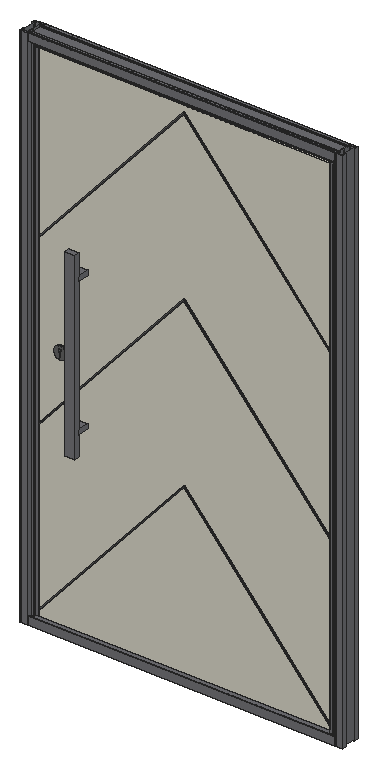
Revit family "YC1321P C1 CHAM RH", category Doors, host Wall, Revit 2024
Family settings
  Host = Wall
  OmniClass Number = 23.30.10.00
  OmniClass Title = Doors
  Always vertical = Yes
  Cut with Voids When Loaded = No
  Shared = No
  Room Calculation Point = No
Parameters
  Function = Interior
  Frame Projection Ext. = 25 mm
  Frame Projection Int. = 25 mm
  Frame Width = 75 mm
  Height = 2120 mm
  Wall Closure = By host
  Width = 1290 mm
  Analytic Construction = "<None>"
Reference planes
  plane 1: y = 0
  plane 2 "Center (Left/Right)": x = 0
  plane 3 "Left": x = -645
  plane 4 "Right": x = 645
  plane 5: z = 2120
  plane 6 "Exterior": y = 75
  plane 7 "Interior": y = -75
  plane 8: z = 33.5
Forms (mm)
  Sweep 1, solid, material "ALUMINIUM CHAR (TEST)"
    path origin (0, 75, 0) x (1, 0, 0) y (0, 0, 1)
      loop
        line (-601.2, 30) -> (-601.2, 2075) -> (600, 2075) -> (600, 30)
    profile origin (-0.6, 75, 2075) x (0, 0, 1) y (0, -1, 0)
      loop
        line (15, 55) -> (2.8, 55) -> (2.8, 61.5) -> (0.5, 61.5) -> (0.5, 88.5) -> (2.8, 88.5) -> (2.8, 95) -> (15, 95) -> (15, 97) -> (-0.5, 97)
        arc (-0.5, 97) -> (-1.207, 96.707) -> (-1.5, 96) r 1
        line (-1.5, 96) -> (-1.5, 93.9) -> (-0.5, 93.9) -> (-0.5, 95) -> (1, 95) -> (1, 90.5) -> (-0.5, 90.5) -> (-0.5, 91.631) -> (-1.5, 91.631) -> (-1.5, 58.369) -> (-0.5, 58.369) -> (-0.5, 59.5) -> (1, 59.5) -> (1, 55) -> (-0.5, 55) -> (-0.5, 56.1) -> (-1.5, 56.1) -> (-1.5, 54)
        arc (-1.5, 54) -> (-1.207, 53.293) -> (-0.5, 53) r 1
        line (-0.5, 53) -> (15, 53) -> (15, 55)
  Extrusion 2, solid, material "ALUMINIUM CHAR (TEST)"
    sketch origin (0, 0, 0) x (0, 1, 0) y (0, 0, 1)
      loop
        line (37.5, 2120) -> (22, 2120) -> (22, 2118.5) -> (24.5, 2118.5) -> (24.5, 2115.5) -> (-24.5, 2115.5) -> (-24.5, 2118.5) -> (-22, 2118.5) -> (-22, 2120) -> (-37.5, 2120) -> (-37.5, 2090) -> (-4.189, 2090) -> (7.651, 2090) -> (37.5, 2090) -> (37.5, 2120)
      loop
        line (32.168, 2118.2) -> (30.896, 2116.928) -> (29.5, 2118.324) -> (28, 2116.824) -> (26.3, 2118.524) -> (26.3, 2115.8)
        arc (26.3, 2115.8) -> (25.685, 2114.315) -> (24.2, 2113.7) r 2.1
        line (24.2, 2113.7) -> (-24.2, 2113.7)
        arc (-24.2, 2113.7) -> (-25.685, 2114.315) -> (-26.3, 2115.8) r 2.1
        line (-26.3, 2115.8) -> (-26.3, 2118.524) -> (-28, 2116.824) -> (-29.5, 2118.324) -> (-30.896, 2116.928) -> (-32.168, 2118.2) -> (-35.6, 2118.2) -> (-35.6, 2091.8) -> (-32.168, 2091.8) -> (-30.896, 2093.072) -> (-29.5, 2091.676) -> (-28, 2093.176) -> (-26.624, 2091.8) -> (-19.438, 2091.8) -> (26.624, 2091.8) -> (28, 2093.176) -> (29.5, 2091.676) -> (30.896, 2093.072) -> (32.168, 2091.8) -> (35.6, 2091.8) -> (35.6, 2118.2) -> (32.168, 2118.2)
      loop
        line (37.5, 0) -> (37.5, 30) -> (7.651, 30) -> (-4.189, 30) -> (-37.5, 30) -> (-37.5, 0) -> (-22, 0) -> (-22, 1.5) -> (-24.5, 1.5) -> (-24.5, 4.5) -> (24.5, 4.5) -> (24.5, 1.5) -> (22, 1.5) -> (22, 0) -> (37.5, 0)
      loop
        line (32.168, 1.8) -> (35.6, 1.8) -> (35.6, 28.2) -> (32.168, 28.2) -> (30.896, 26.928) -> (29.5, 28.324) -> (28, 26.824) -> (26.624, 28.2) -> (-19.438, 28.2) -> (-26.624, 28.2) -> (-28, 26.824) -> (-29.5, 28.324) -> (-30.896, 26.928) -> (-32.168, 28.2) -> (-35.6, 28.2) -> (-35.6, 1.8) -> (-32.168, 1.8) -> (-30.896, 3.072) -> (-29.5, 1.676) -> (-28, 3.176) -> (-26.3, 1.476) -> (-26.3, 4.2)
        arc (-26.3, 4.2) -> (-25.685, 5.685) -> (-24.2, 6.3) r 2.1
        line (-24.2, 6.3) -> (24.2, 6.3)
        arc (24.2, 6.3) -> (25.685, 5.685) -> (26.3, 4.2) r 2.1
        line (26.3, 4.2) -> (26.3, 1.476) -> (28, 3.176) -> (29.5, 1.676) -> (30.896, 3.072) -> (32.168, 1.8)
    from -615 to 615
  Extrusion 3, solid, material "ALUMINIUM CHAR (TEST)"
    sketch origin (0, 0, 30) x (1, 0, 0) y (0, 1, 0)
      loop
        arc (598.5, 21) -> (597.5, 22) -> (596.5, 21) r 1
        line (596.5, 21) -> (596.5, -21.179)
        arc (596.5, -21.179) -> (596.26, -21.76) -> (595.679, -22) r 0.821
        line (595.679, -22) -> (584.5, -22)
        arc (584.5, -22) -> (583.5, -23) -> (584.5, -24) r 1
        line (584.5, -24) -> (597.679, -24)
        arc (597.679, -24) -> (598.26, -23.76) -> (598.5, -23.179) r 0.821
        line (598.5, -23.179) -> (598.5, 21)
      loop
        arc (-599.7, -21) -> (-598.7, -22) -> (-597.7, -21) r 1
        line (-597.7, -21) -> (-597.7, 21.179)
        arc (-597.7, 21.179) -> (-597.459, 21.76) -> (-596.879, 22) r 0.821
        line (-596.879, 22) -> (-585.7, 22)
        arc (-585.7, 22) -> (-584.7, 23) -> (-585.7, 24) r 1
        line (-585.7, 24) -> (-598.879, 24)
        arc (-598.879, 24) -> (-599.459, 23.76) -> (-599.7, 23.179) r 0.821
        line (-599.7, 23.179) -> (-599.7, -21)
    from 0 to 2043.5
  Extrusion 4, solid, material "ALUMINIUM CHAR (TEST)"
    sketch origin (-25, 22, 130) x (1, 0, 0) y (0, 0, 1)
      loop
        line (620, 1939) -> (608, 1939) -> (608, -94) -> (620, -94) -> (620, 1939)
      loop
        line (-570, 1939) -> (-570, -94) -> (-558, -94) -> (-558, 1939) -> (-570, 1939)
    from 0 to 44
  Extrusion 5, solid, material "ALUMINIUM (CHAMPAGNE TEST)"
    sketch origin (-25, 22, 130) x (1, 0, 0) y (0, 0, 1)
      loop
        line (608, 1939) -> (-558, 1939) -> (-558, -94) -> (608, -94) -> (608, 1939)
    from 0 to 4
  Extrusion 6, solid, material "ALUMINIUM (CHAMPAGNE TEST)"
    sketch origin (-25, -22, 130) x (1, 0, 0) y (0, 0, -1)
      loop
        line (608, -1939) -> (608, 94) -> (-558, 94) -> (-558, -1939) -> (608, -1939)
    from 0 to 4
  Extrusion 7, solid, material "ALUMINIUM BLACK (TEST)"
    sketch origin (405.722, 27.873, -123.123) x (1, 0, 0) y (0, 0, 1)
      loop
        circle (-896.954, 1135.623) r 25
    from 0 to 5
  Extrusion 8, solid, material "ALUMINIUM BLACK (TEST)"
    sketch origin (405.722, -27.873, -123.123) x (1, 0, 0) y (0, 0, -1)
      loop
        circle (-896.954, -1135.623) r 25
    from 0 to 5
  Extrusion 9, solid, material "ALUMINIUM CHAR (TEST)"
    sketch origin (-1264.348, 72.873, -21.123) x (-1, 0, 0) y (0, 0, -1)
      loop
        line (-878.538, -1365) -> (-838.538, -1365) -> (-838.538, -1345) -> (-878.538, -1345) -> (-878.538, -1365)
      loop
        line (-878.538, -795) -> (-878.538, -815) -> (-838.538, -815) -> (-838.538, -795) -> (-878.538, -795)
    from 5 to 50
  Extrusion 10, solid, material "ALUMINIUM CHAR (TEST)"
    sketch origin (14.789, 87.873, 223.877) x (1, 0, 0) y (0, 0, 1)
      loop
        line (-400.6, 470) -> (-400.6, 1200) -> (-440.6, 1200) -> (-440.6, 470) -> (-400.6, 470)
    from 0 to 20
  Extrusion 11, void
    sketch origin (140.5, 67.873, -123.123) x (1, 0, 0) y (0, 0, 1)
      loop
        arc (-634.732, 1122.18) -> (-631.732, 1119.18) -> (-628.732, 1122.18) r 3
        line (-628.732, 1122.18) -> (-628.732, 1136.773)
        arc (-628.732, 1136.773) -> (-631.732, 1150.865) -> (-634.732, 1136.773) r 7.365
        line (-634.732, 1136.773) -> (-634.732, 1122.18)
    from 40 to 45
  Extrusion 12, void
    sketch origin (140.5, -67.873, -123.123) x (1, 0, 0) y (0, 0, -1)
      loop
        line (-634.732, -1122.18) -> (-634.732, -1136.773)
        arc (-634.732, -1136.773) -> (-631.732, -1150.865) -> (-628.732, -1136.773) r 7.365
        line (-628.732, -1136.773) -> (-628.732, -1122.18)
        arc (-628.732, -1122.18) -> (-631.732, -1119.18) -> (-634.732, -1122.18) r 3
    from 40 to 45
  Extrusion 13, solid, material "ALUMINIUM CHAR (TEST)"
    sketch origin (0, 0, 0) x (1, 0, 0) y (0, 1, 0)
      loop
        line (-645, 37.5) -> (-645, 22) -> (-643.5, 22) -> (-643.5, 24.5) -> (-640.5, 24.5) -> (-640.5, -24.5) -> (-643.5, -24.5) -> (-643.5, -22) -> (-645, -22) -> (-645, -37.5) -> (-615, -37.5) -> (-615, -17) -> (-615.993, -17) -> (-616.394, -18.496) -> (-617.6, -18.496) -> (-617.6, -0.254) -> (-616.306, -0.254) -> (-616.066, -3) -> (-615, -3) -> (-615, 37.5) -> (-645, 37.5)
      loop
        line (-616.8, 26.624) -> (-618.176, 28) -> (-616.676, 29.5) -> (-618.072, 30.896) -> (-616.8, 32.168) -> (-616.8, 35.6) -> (-643.2, 35.6) -> (-643.2, 32.168) -> (-641.928, 30.896) -> (-643.324, 29.5) -> (-641.824, 28) -> (-643.524, 26.3) -> (-640.8, 26.3)
        arc (-640.8, 26.3) -> (-639.315, 25.685) -> (-638.7, 24.2) r 2.1
        line (-638.7, 24.2) -> (-638.7, -24.2)
        arc (-638.7, -24.2) -> (-639.315, -25.685) -> (-640.8, -26.3) r 2.1
        line (-640.8, -26.3) -> (-643.524, -26.3) -> (-641.824, -28) -> (-643.324, -29.5) -> (-641.928, -30.896) -> (-643.2, -32.168) -> (-643.2, -35.6) -> (-616.8, -35.6) -> (-616.8, -32.168) -> (-618.072, -30.896) -> (-616.676, -29.5) -> (-618.176, -28) -> (-616.8, -26.624) -> (-616.8, -20.239)
        arc (-616.8, -20.239) -> (-618.596, -19.852) -> (-619.4, -18.2) r 2.1
        line (-619.4, -18.2) -> (-619.4, -0.55)
        arc (-619.4, -0.55) -> (-618.596, 1.102) -> (-616.8, 1.49) r 2.1
        line (-616.8, 1.49) -> (-616.8, 26.624)
      loop
        line (645, 37.5) -> (615, 37.5) -> (615, -3) -> (616.066, -3) -> (616.306, -0.254) -> (617.6, -0.254) -> (617.6, -18.496) -> (616.394, -18.496) -> (615.993, -17) -> (615, -17) -> (615, -37.5) -> (645, -37.5) -> (645, -22) -> (643.5, -22) -> (643.5, -24.5) -> (640.5, -24.5) -> (640.5, 24.5) -> (643.5, 24.5) -> (643.5, 22) -> (645, 22) -> (645, 37.5)
      loop
        line (616.8, 26.624) -> (616.8, 1.49)
        arc (616.8, 1.49) -> (618.596, 1.102) -> (619.4, -0.55) r 2.1
        line (619.4, -0.55) -> (619.4, -18.2)
        arc (619.4, -18.2) -> (618.596, -19.852) -> (616.8, -20.239) r 2.1
        line (616.8, -20.239) -> (616.8, -26.624) -> (618.176, -28) -> (616.676, -29.5) -> (618.072, -30.896) -> (616.8, -32.168) -> (616.8, -35.6) -> (643.2, -35.6) -> (643.2, -32.168) -> (641.928, -30.896) -> (643.324, -29.5) -> (641.824, -28) -> (643.524, -26.3) -> (640.8, -26.3)
        arc (640.8, -26.3) -> (639.315, -25.685) -> (638.7, -24.2) r 2.1
        line (638.7, -24.2) -> (638.7, 24.2)
        arc (638.7, 24.2) -> (639.315, 25.685) -> (640.8, 26.3) r 2.1
        line (640.8, 26.3) -> (643.524, 26.3) -> (641.824, 28) -> (643.324, 29.5) -> (641.928, 30.896) -> (643.2, 32.168) -> (643.2, 35.6) -> (616.8, 35.6) -> (616.8, 32.168) -> (618.072, 30.896) -> (616.676, 29.5) -> (618.176, 28) -> (616.8, 26.624)
    from 0 to 2120
  Extrusion 14, solid, material "ALUMINIUM BLACK (TEST)"
    sketch origin (-1029.106, 22.873, 455.989) x (-0.515678, 0, 0.856782) y (-0.856782, 0, -0.515678)
      loop
        line (-25.944, -1865.967) -> (829.892, -1700.623) -> (575.338, -866.959) -> (570.214, -863.875) -> (824.768, -1697.539) -> (-31.068, -1862.883) -> (-25.944, -1865.967)
      loop
        line (-598.274, -1521.494) -> (257.561, -1356.149) -> (3.007, -522.486) -> (-2.117, -519.402) -> (252.437, -1353.065) -> (-603.398, -1518.41) -> (-598.274, -1521.494)
      loop
        line (-1170.605, -1177.02) -> (-314.769, -1011.676) -> (-569.323, -178.012) -> (-574.447, -174.928) -> (-319.893, -1008.592) -> (-1175.729, -1173.936) -> (-1170.605, -1177.02)
    from 0 to 0.873
  Extrusion 15, solid, material "ALUMINIUM CHAR (TEST)"
    sketch origin (-1264.348, -72.873, -21.123) x (-1, 0, 0) y (0, 0, 1)
      loop
        line (-878.538, 1365) -> (-878.538, 1345) -> (-838.538, 1345) -> (-838.538, 1365) -> (-878.538, 1365)
      loop
        line (-878.538, 795) -> (-838.538, 795) -> (-838.538, 815) -> (-878.538, 815) -> (-878.538, 795)
    from 5 to 50
  Extrusion 16, solid, material "ALUMINIUM CHAR (TEST)"
    sketch origin (14.789, -87.873, 223.877) x (1, 0, 0) y (0, 0, -1)
      loop
        line (-400.6, -470) -> (-440.6, -470) -> (-440.6, -1200) -> (-400.6, -1200) -> (-400.6, -470)
    from 0 to 20
  Extrusion 17, solid, material "ALUMINIUM BLACK (TEST)"
    sketch origin (-1029.106, -22.873, 455.989) x (-0.515678, 0, 0.856782) y (0.856782, 0, 0.515678)
      loop
        line (-25.944, 1865.967) -> (-31.068, 1862.883) -> (824.768, 1697.539) -> (570.214, 863.875) -> (575.338, 866.959) -> (829.892, 1700.623) -> (-25.944, 1865.967)
      loop
        line (-598.274, 1521.494) -> (-603.398, 1518.41) -> (252.437, 1353.065) -> (-2.117, 519.402) -> (3.007, 522.486) -> (257.561, 1356.149) -> (-598.274, 1521.494)
      loop
        line (-1170.605, 1177.02) -> (-1175.729, 1173.936) -> (-319.893, 1008.592) -> (-574.447, 174.928) -> (-569.323, 178.012) -> (-314.769, 1011.676) -> (-1170.605, 1177.02)
    from 0 to 0.873
Cuts and joins
  Extrusion 11 cuts Extrusion 5
  Extrusion 11 cuts Extrusion 4
  Extrusion 11, Extrusion 12 cuts Extrusion 7
  Extrusion 12 cuts Extrusion 8
Lines and regions (mm)
  Opening 1
    outline origin (-3050, -75, 0) x (1, 0, 0) y (0, 0, 1)
      loop
        line (2405, 0) -> (3695, 0) -> (3695, 2120) -> (2405, 2120) -> (2405, 0)
  model lines
    curve 1: line (-602.851, 22.5, 0) -> (602.851, 22.5, 0)
    curve 2: line (-603, -13, 0) -> (603, -13, 0)
    curve 8: line (300, -22.5, 0) -> (300, -925.5, 0)
    curve 9: arc (-603, -22.5, 0) -> (-338.517, -661.017, 0) -> (300, -925.5, 0) r 903
    curve 10: line (300, 13, 0) -> (300, 316, 0)
    curve 11: arc (300, 316, 0) -> (514.253, 227.253, 0) -> (603, 13, 0) r 303
  symbolic lines, style "Elevation Swing"
    curve 3: line (-645, -75, 1060) -> (300, -75, 2078)
    curve 4: line (-645, -75, 1060) -> (300, -75, 0)
    curve 5: line (603, -75, 1045) -> (300, -75, 2078)
    curve 6: line (603, -75, 1045) -> (300, -75, 0)
  model lines, style "Elevation Swing"
    curve 7: line (300, 0, 0) -> (300, 0, 2078)
Text (mm)
  text "Exterior" at (-2295.016, 1099.543, 0), in view "Ref. Level"
  text "Exterior" at (0, 1615.38, 3698.081), in view "Left"
  text "Exterior" at (0, 1036.032, 3874.932), in view "Right"
Dimensions and locks
  equal spacing: plane 3 "Left", plane 2 "Center (Left/Right)", plane 4 "Right"
  "Width": plane 3 "Left" to plane 4 "Right"
  "Height": plane 5 to host wall
  host wall to plane 5 = 2120 mm  (x2)
  locked: plane 6 "Exterior" to host wall
  locked: plane 7 "Interior" to host wall
  plane 3 "Left" to plane 4 "Right" = 1290 mm  (x2)
  aligned and locked: plane 3 "Left" to Opening 1 sketch curve
  aligned and locked: plane 5 to Opening 1 sketch curve  (x2)
  aligned and locked: Opening 1 sketch curve to plane 4 "Right"
  aligned and locked: Opening 1 sketch curve to level
  aligned and locked: plane 1 to host wall
Automatic sketch dimensions
  curve 7 to level = 0 mm
  plane 5 to curve 7 = 42 mm
  plane 2 "Center (Left/Right)" to curve 7 = 300 mm
  plane 3 "Left" to curve 4 = 0 mm
  curve 4 to level = 0 mm
  plane 2 "Center (Left/Right)" to curve 4 = 300 mm
  plane 5 to curve 5 = 42 mm
  plane 2 "Center (Left/Right)" to curve 5 = 300 mm
  plane 4 "Right" to curve 6 = 42 mm
  plane 8 to curve 5 = 1011.5 mm
  plane 8 to curve 4 = 1026.5 mm
  plane 2 "Center (Left/Right)" to curve 8 = 300 mm
  curve 11 to host wall = 13 mm
  curve 11 to curve 8 = 0 mm
  host wall to curve 9 = 22.5 mm
  host wall to curve 8 = 850.5 mm
  host wall to curve 10 = 241 mm
  curve 1 to plane 3 "Left" = 42.149 mm
  curve 2 to curve 9 = 0 mm
  curve 1 to curve 11 = 0.149 mm
  host wall to curve 2 = 13 mm
  curve 2 to curve 11 = 0 mm
  curve 8 to curve 9 = 0 mm
  curve 10 to curve 11 = 0 mm
  Sweep 1 sketch curve to plane 3 "Left" = 43.8 mm
  plane 4 "Right" to Sweep 1 sketch curve = 45 mm
  plane 5 to Sweep 1 sketch curve = 45 mm
  Sweep 1 sketch curve to plane 8 = 3.5 mm  (x2)
  profile plane to Sweep 1 sketch curve = 1.5 mm  (x3)
  profile plane to Sweep 1 sketch curve = 0.5 mm  (x6)
  Sweep 1 sketch curve to profile plane = 0.5 mm
  Sweep 1 sketch curve to profile plane = 1 mm  (x2)
  Sweep 1 sketch curve to Sweep 1 sketch curve = 1.8 mm
  Sweep 1 sketch curve to Sweep 1 sketch curve = 2.3 mm
  Sweep 1 sketch curve to Sweep 1 sketch curve = 12.2 mm  (x2)
  plane 6 "Exterior" to Sweep 1 sketch curve = 53 mm
  Sweep 1 sketch curve to Sweep 1 sketch curve = 1 mm  (x3)
  Sweep 1 sketch curve to Sweep 1 sketch curve = 1.1 mm  (x2)
  Sweep 1 sketch curve to Sweep 1 sketch curve = 2.269 mm  (x2)
  Sweep 1 sketch curve to Sweep 1 sketch curve = 1.131 mm  (x2)
  Sweep 1 sketch curve to Sweep 1 sketch curve = 2 mm  (x2)
  Sweep 1 sketch curve to Sweep 1 sketch curve = 27 mm
  Sweep 1 sketch curve to Sweep 1 sketch curve = 6.5 mm
  Extrusion 2 sketch curve to level = 0 mm  (x2)
  plane 5 to Extrusion 2 sketch curve = 0 mm  (x2)
  host wall to Extrusion 2 sketch curve = 37.5 mm  (x2)
  Extrusion 2 sketch curve to plane 8 = 3.5 mm
  Extrusion 2 sketch curve to Extrusion 2 sketch curve = 1.9 mm  (x4)
  Extrusion 2 sketch curve to Extrusion 2 sketch curve = 3.432 mm  (x6)
  Extrusion 2 sketch curve to plane 8 = 5.3 mm  (x2)
  plane 5 to Extrusion 2 sketch curve = 3.072 mm  (x2)
  Extrusion 2 sketch curve to Extrusion 2 sketch curve = 1.272 mm  (x11)
  Extrusion 2 sketch curve to plane 8 = 6.572 mm  (x2)
  level to Extrusion 2 sketch curve = 3.072 mm  (x2)
  Extrusion 2 sketch curve to Extrusion 2 sketch curve = 1.396 mm  (x7)
  Extrusion 2 sketch curve to plane 8 = 5.176 mm  (x2)
  plane 5 to Extrusion 2 sketch curve = 1.676 mm  (x2)
  level to Extrusion 2 sketch curve = 1.676 mm  (x2)
  plane 5 to Extrusion 2 sketch curve = 3.176 mm  (x2)
  Extrusion 2 sketch curve to Extrusion 2 sketch curve = 1.5 mm  (x5)
  level to Extrusion 2 sketch curve = 3.176 mm  (x2)
  Extrusion 2 sketch curve to plane 8 = 6.676 mm  (x2)
  Extrusion 2 sketch curve to Extrusion 2 sketch curve = 1.376 mm  (x4)
  Extrusion 2 sketch curve to Extrusion 2 sketch curve = 1.7 mm  (x4)
  Extrusion 2 sketch curve to Extrusion 2 sketch curve = 1.8 mm  (x4)
  Extrusion 2 sketch curve to Extrusion 2 sketch curve = 0.3 mm  (x6)
  Extrusion 2 sketch curve to Extrusion 2 sketch curve = 2.5 mm  (x2)
  Extrusion 2 sketch curve to Extrusion 2 sketch curve = 7.186 mm  (x2)
  host wall to Extrusion 2 sketch curve = 4.189 mm  (x2)
  Extrusion 2 sketch curve to host wall = 7.651 mm  (x2)
  level to Extrusion 2 sketch curve = 1.5 mm  (x2)
  Extrusion 2 sketch curve to host wall = 22 mm  (x2)
  Extrusion 2 sketch curve to Extrusion 2 sketch curve = 2.2 mm  (x2)
  plane 5 to Extrusion 2 sketch curve = 1.476 mm
  level to Extrusion 2 sketch curve = 1.476 mm
  Extrusion 2 sketch curve to Extrusion 2 sketch curve = 18.973 mm  (x2)
  Extrusion 2 sketch curve to Extrusion 2 sketch curve = 1.024 mm
  Extrusion 2 sketch curve to Extrusion 2 sketch curve = 26.928 mm
  Extrusion 2 sketch curve to Extrusion 2 sketch curve = 1.676 mm  (x2)
  Extrusion 2 sketch curve to Extrusion 2 sketch curve = 0.124 mm  (x2)
  Extrusion 2 sketch curve to Extrusion 2 sketch curve = 3.124 mm
  plane 5 to Extrusion 2 sketch curve = 1.5 mm
  Extrusion 3 sketch curve to plane 3 "Left" = 45.3 mm
  Extrusion 3 sketch curve to Extrusion 3 sketch curve = 0.821 mm  (x4)
  Extrusion 3 sketch curve to Extrusion 3 sketch curve = 1 mm  (x4)
  Extrusion 3 sketch curve to Extrusion 3 sketch curve = 11.179 mm  (x2)
  host wall to Extrusion 3 sketch curve = 24 mm
  plane 4 "Right" to Extrusion 3 sketch curve = 60.5 mm
  host wall to Extrusion 3 sketch curve = 21 mm
  Extrusion 3 sketch curve to host wall = 21 mm
  Extrusion 3 sketch curve to host wall = 21.179 mm
  Extrusion 4 sketch curve to plane 3 "Left" = 50 mm
  plane 8 to Extrusion 4 sketch curve = 2.5 mm  (x2)
  Extrusion 4 sketch curve to Extrusion 4 sketch curve = 12 mm  (x2)
  plane 4 "Right" to Extrusion 4 sketch curve = 62 mm
  plane 5 to Extrusion 4 sketch curve = 51 mm  (x2)
  Extrusion 5 sketch curve to plane 3 "Left" = 62 mm
  plane 8 to Extrusion 5 sketch curve = 2.5 mm
  plane 4 "Right" to Extrusion 5 sketch curve = 62 mm
  plane 5 to Extrusion 5 sketch curve = 51 mm
  Extrusion 6 sketch curve to plane 3 "Left" = 62 mm
  plane 8 to Extrusion 6 sketch curve = 2.5 mm
  plane 4 "Right" to Extrusion 6 sketch curve = 62 mm
  plane 5 to Extrusion 6 sketch curve = 51 mm
  Extrusion 7 sketch curve to plane 3 "Left" = 153.768 mm
  plane 8 to Extrusion 7 sketch curve = 979 mm
  Extrusion 8 sketch curve to plane 3 "Left" = 153.768 mm
  plane 8 to Extrusion 8 sketch curve = 979 mm
  Extrusion 9 sketch curve to plane 3 "Left" = 259.19 mm  (x2)
  Extrusion 9 sketch curve to Extrusion 9 sketch curve = 40 mm  (x2)
  plane 5 to Extrusion 9 sketch curve = 776.123 mm
  Extrusion 9 sketch curve to Extrusion 9 sketch curve = 20 mm  (x2)
  Extrusion 9 sketch curve to Extrusion 9 sketch curve = 530 mm
  Extrusion 10 sketch curve to plane 3 "Left" = 219.19 mm
  Extrusion 10 sketch curve to Extrusion 10 sketch curve = 40 mm
  plane 8 to Extrusion 10 sketch curve = 660.377 mm
  plane 5 to Extrusion 10 sketch curve = 696.123 mm
  Extrusion 11 sketch curve to plane 3 "Left" = 150.768 mm
  Extrusion 11 sketch curve to Extrusion 11 sketch curve = 3 mm  (x2)
  plane 8 to Extrusion 11 sketch curve = 965.558 mm
  Extrusion 11 sketch curve to Extrusion 11 sketch curve = 14.593 mm
  Extrusion 11 sketch curve to Extrusion 11 sketch curve = 6.726 mm
  Extrusion 12 sketch curve to plane 3 "Left" = 150.768 mm
  Extrusion 12 sketch curve to Extrusion 12 sketch curve = 3 mm  (x2)
  plane 8 to Extrusion 12 sketch curve = 986.877 mm
  Extrusion 12 sketch curve to Extrusion 12 sketch curve = 6.726 mm
  Extrusion 12 sketch curve to Extrusion 12 sketch curve = 14.593 mm
  Extrusion 13 sketch curve to plane 3 "Left" = 0 mm  (x2)
  Extrusion 13 sketch curve to plane 4 "Right" = 0 mm  (x2)
  Extrusion 13 sketch curve to plane 3 "Left" = 1.476 mm  (x2)
  Extrusion 13 sketch curve to plane 3 "Left" = 1.5 mm  (x2)
  Extrusion 13 sketch curve to plane 3 "Left" = 1.676 mm  (x2)
  Extrusion 13 sketch curve to plane 3 "Left" = 1.8 mm  (x2)
  Extrusion 13 sketch curve to Extrusion 13 sketch curve = 1.272 mm  (x12)
  Extrusion 13 sketch curve to Extrusion 13 sketch curve = 1.5 mm  (x4)
  Extrusion 13 sketch curve to Extrusion 13 sketch curve = 1.024 mm  (x4)
  Extrusion 13 sketch curve to Extrusion 13 sketch curve = 0.3 mm  (x8)
  Extrusion 13 sketch curve to Extrusion 13 sketch curve = 1.8 mm  (x8)
  host wall to Extrusion 13 sketch curve = 0.55 mm  (x2)
  Extrusion 13 sketch curve to plane 3 "Left" = 25.6 mm
  Extrusion 13 sketch curve to Extrusion 13 sketch curve = 20.524 mm
  Extrusion 13 sketch curve to Extrusion 13 sketch curve = 1.224 mm
  Extrusion 13 sketch curve to Extrusion 13 sketch curve = 0.104 mm  (x4)
  Extrusion 13 sketch curve to Extrusion 13 sketch curve = 1.376 mm  (x8)
  Extrusion 13 sketch curve to Extrusion 13 sketch curve = 1.396 mm  (x6)
  Extrusion 13 sketch curve to Extrusion 13 sketch curve = 0.906 mm  (x2)
  host wall to Extrusion 13 sketch curve = 0.254 mm  (x2)
  Extrusion 13 sketch curve to Extrusion 13 sketch curve = 0.994 mm  (x2)
  Extrusion 13 sketch curve to Extrusion 13 sketch curve = 1.234 mm
  Extrusion 13 sketch curve to Extrusion 13 sketch curve = 0.401 mm  (x2)
  plane 4 "Right" to Extrusion 13 sketch curve = 30 mm
  Extrusion 13 sketch curve to Extrusion 13 sketch curve = 0 mm
  Extrusion 13 sketch curve to Extrusion 13 sketch curve = 0.993 mm
  Extrusion 13 sketch curve to Extrusion 13 sketch curve = 1.066 mm
  Extrusion 13 sketch curve to Extrusion 13 sketch curve = 0.24 mm
  Extrusion 13 sketch curve to Extrusion 13 sketch curve = 1.676 mm  (x2)
  Extrusion 13 sketch curve to Extrusion 13 sketch curve = 0.124 mm  (x4)
  plane 4 "Right" to Extrusion 13 sketch curve = 6.3 mm
  plane 4 "Right" to Extrusion 13 sketch curve = 1.676 mm  (x2)
  plane 4 "Right" to Extrusion 13 sketch curve = 1.5 mm  (x2)
  plane 4 "Right" to Extrusion 13 sketch curve = 1.476 mm  (x2)
  Extrusion 13 sketch curve to Extrusion 13 sketch curve = 2.45 mm  (x2)
  Extrusion 13 sketch curve to Extrusion 13 sketch curve = 14 mm  (x2)
  Extrusion 13 sketch curve to Extrusion 13 sketch curve = 1.2 mm  (x2)
  Extrusion 13 sketch curve to Extrusion 13 sketch curve = 0.296 mm  (x2)
  host wall to Extrusion 13 sketch curve = 22 mm  (x2)
  Extrusion 13 sketch curve to Extrusion 13 sketch curve = 2.2 mm  (x4)
  Extrusion 13 sketch curve to Extrusion 13 sketch curve = 6.385 mm  (x2)
  Extrusion 13 sketch curve to Extrusion 13 sketch curve = 1.7 mm  (x4)
  Extrusion 13 sketch curve to Extrusion 13 sketch curve = 3.432 mm  (x4)
  Extrusion 13 sketch curve to Extrusion 13 sketch curve = 1.9 mm  (x4)
  Extrusion 13 sketch curve to host wall = 22 mm  (x2)
  Extrusion 13 sketch curve to Extrusion 13 sketch curve = 2.424 mm  (x2)
  Extrusion 14 sketch curve to plane 2 "Center (Left/Right)" = 0 mm  (x6)
  plane 8 to Extrusion 14 sketch curve = 20.519 mm
  plane 4 "Right" to Extrusion 14 sketch curve = 62 mm
  Extrusion 14 sketch curve to Extrusion 14 sketch curve = 5.124 mm  (x9)
  Extrusion 14 sketch curve to Extrusion 14 sketch curve = 567.206 mm  (x3)
  Extrusion 14 sketch curve to Extrusion 14 sketch curve = 601.281 mm
  Extrusion 14 sketch curve to Extrusion 14 sketch curve = 283.505 mm  (x2)
  Extrusion 14 sketch curve to Extrusion 14 sketch curve = 312.652 mm  (x2)
  Extrusion 14 sketch curve to Extrusion 14 sketch curve = 506.734 mm
  Extrusion 14 sketch curve to Extrusion 14 sketch curve = 3.084 mm  (x6)
  Extrusion 14 sketch curve to Extrusion 14 sketch curve = 509.818 mm
  Extrusion 14 sketch curve to Extrusion 14 sketch curve = 489.19 mm  (x2)
  Extrusion 14 sketch curve to Extrusion 14 sketch curve = 341.389 mm
  Extrusion 15 sketch curve to plane 3 "Left" = 259.19 mm  (x2)
  Extrusion 15 sketch curve to Extrusion 15 sketch curve = 40 mm  (x2)
  plane 8 to Extrusion 15 sketch curve = 740.377 mm
  Extrusion 15 sketch curve to Extrusion 15 sketch curve = 20 mm  (x2)
  Extrusion 15 sketch curve to Extrusion 15 sketch curve = 530 mm
  Extrusion 16 sketch curve to plane 3 "Left" = 219.19 mm
  Extrusion 16 sketch curve to Extrusion 16 sketch curve = 40 mm
  plane 5 to Extrusion 16 sketch curve = 696.123 mm
  plane 8 to Extrusion 16 sketch curve = 660.377 mm
  Extrusion 17 sketch curve to plane 2 "Center (Left/Right)" = 0 mm  (x6)
  plane 8 to Extrusion 17 sketch curve = 20.519 mm
  plane 4 "Right" to Extrusion 17 sketch curve = 62 mm
  Extrusion 17 sketch curve to Extrusion 17 sketch curve = 5.124 mm  (x9)
  Extrusion 17 sketch curve to Extrusion 17 sketch curve = 567.206 mm  (x3)
  Extrusion 17 sketch curve to Extrusion 17 sketch curve = 601.281 mm
  Extrusion 17 sketch curve to Extrusion 17 sketch curve = 283.505 mm  (x2)
  Extrusion 17 sketch curve to Extrusion 17 sketch curve = 312.652 mm  (x2)
  Extrusion 17 sketch curve to Extrusion 17 sketch curve = 489.19 mm  (x2)
  Extrusion 17 sketch curve to Extrusion 17 sketch curve = 3.084 mm  (x6)
  Extrusion 17 sketch curve to Extrusion 17 sketch curve = 341.389 mm
  Extrusion 17 sketch curve to Extrusion 17 sketch curve = 506.734 mm  (x2)
  radius of Extrusion 7 sketch curve = 25 mm
  radius of Extrusion 8 sketch curve = 25 mm
